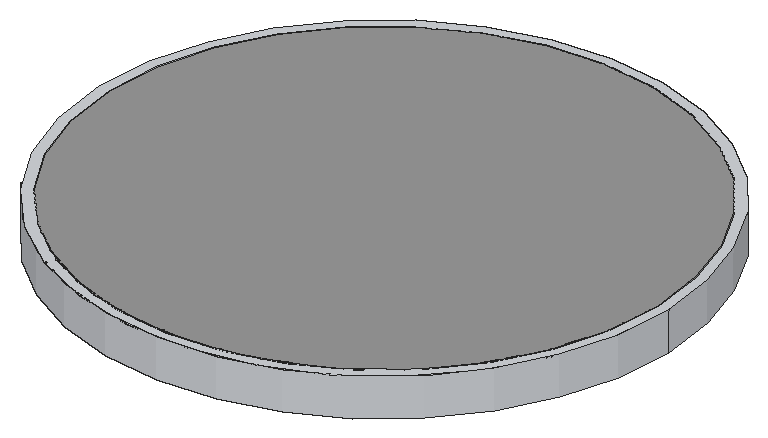
Revit family "2071242", category Lighting Fixtures, host Face, Revit 2018
Family settings
  Host = Face
  Round Connector Dimension = Use Diameter
  Part Type = Normal
  OmniClass Number = 23.80.70.00
  OmniClass Title = Lighting
  Cut with Voids When Loaded = No
  Light Source = Yes
  Shared = No
  Room Calculation Point = No
Parameters (values of type "2071242 COLOSSAL 900 840 OP DIR WHT DALI EM")
  iner diameter = 856 mm
  Weight = "n/a"
  Wattage Comments = ""
  Wattage = 30 W
  WarrantyStartDate [instance] = "n/a"
  WarrantyGuarantorParts = "n/a"
  WarrantyDurationUnit = "n/a"
  WarrantyDurationParts = ""
  WarrantyDescription = "http://www.sylvania-lighting.com"
  built-in parameter 1150110 = 1 (stored number, unit not read)
  Voltage = 230 V
  URL = "0.95"
  TypeName = "COLOSSAL 900mm 840 OPAL DIR WHITE DALI EM"
  Type Image = <None>
  Type Comments = "n/a"
  built-in parameter 1114217 = 1 (stored number, unit not read)
  Tilt Angle = -90.00°
  built-in parameter 1150109 = 1 (stored number, unit not read)
  built-in parameter 1150134 = (empty or 0)
  built-in parameter 1150113 = 1 (stored number, unit not read)
  SerialNumber [instance] = "n/a"
  Photometric Web File = "2071242.ies"
  Material_3_SYL = LED-Sylvania
  PowerFactor = 0
  PowerConsumption = "Lighting"
  NominalLength = 888 mm
  NominalHeight = 93 mm
  NominalDepth = 888 mm
  Name = "COLOSSAL 900mm 840 OPAL DIR WHITE DALI EM"
  ModelReference = Name  # "COLOSSAL 900mm 840 OPAL DIR WHITE DALI EM"
  ModelNumber = "2071242"
  Model = Name  # "COLOSSAL 900mm 840 OPAL DIR WHITE DALI EM"
  Material = "Feilo Sylvania"
  ManufacturerName = "139 lm/W"
  Manufacturer = ""
  LuminousEfficacy = ""
  built-in parameter 1150105 = 270.44 (stored number, unit not read)
  Lumens = 3398.4 lm
  LuminaireType = "0"
  built-in parameter 1150115 = 1 (stored number, unit not read)
  LightOutputRatio = "LED"
  built-in parameter 1150137 = (empty or 0)
  built-in parameter 1150139 = (empty or 0)
  LampsType = Lamp  # "n/a"
  LampNominalLuminous = "4000 K"
  LampMacAdamStep = "80"
  LampColourTemperature = "LED"
  LampColourRenderingIndex = "16500"
  built-in parameter 1150112 = 1 (stored number, unit not read)
  built-in parameter 1150114 = 1 (stored number, unit not read)
  Lamp = "n/a"
  Keynote = "n/a"
  InstallationDate [instance] = "n/a"
  InputVoltage = "0"
  InputNominalFrequency = "4000"
  built-in parameter 1150132 = (empty or 0)
  built-in parameter 1150102 = (empty or 0)
  built-in parameter 1150107 = 3000 (stored number, unit not read)
  built-in parameter 1150138 = (empty or 0)
  IngressProtection = "IfcLightFixtureType"
  ImpactProtectionIndex = "IfcLightFixtureType"
  built-in parameter 1150106 = 2.7044 (stored number, unit not read)
  IfcExportType = "IfcLightFixtureType"
  IfcExportAs = "Class I"
  Emit from Circle Diameter = 385 mm
  Emit Shape Visible in Rendering = no
  ElectricShockClassification = "139"
  built-in parameter 1150104 = 10.524 (stored number, unit not read)
  DocumentationLiterature = "http://www.sylvania-lighting.com/product/en-int/products/2071242"
  DimmingControlOptions = "n/a"
  Material_2_SYL = Polycarbonate_Sylvania_White
  Dimming Lamp Color Temperature Shift = <None>
  Description = "900mm diameter circular architectural luminaire, can be surface mounted or suspended. Powder coated aluminium housing (RAL9016) with polycarbonate opal diffuser. Direct light distribution, 10890lm luminuous flux, 78.5W system power, 139lm/W luminiaire efficacy. DALI dimmable. 3 hours integrated emergency. Colour rendering index Ra >80, 4000K Neutral White LED, chromaticity tolerance of 3-step MacAdam ellipse. IP40/IP20, IK03. 450mA drive current. Electrical protection Class1, 220-240V. Reported lifetime 66k hours L90B10."
  Default Elevation = 1219.2 mm
  CreatedOn = "23/03/2022"
  CreatedBy = "@sylvania-lighting.com"
  Cost = 0
  Color Filter = 16777215
  built-in parameter 1114216 [instance] = (empty or 0)
  ClassificationValue = "EF_70_80"
  ClassificationName = "Uniclass2015"
  Material_1_SYL = Polycarbonate_Sylvania_Opal
  BarCode [instance] = "n/a"
  built-in parameter 1114218 = 1 (stored number, unit not read)
  built-in parameter 1150133 = 10 (stored number, unit not read)
  AssetType = "Fixed"
  AssetIdentifier [instance] = "n/a"
  Assembly Code = "D5020200"
  Apparent Load = 78.5 VA
  Material_4_SYL = none
Reference planes
  plane 1 "Center (Front/Back)": y = 0
  plane 2: z = 0
  plane 3 "Center (Left/Right)": x = 0
  plane 4: z = 1.161
  plane 5: z = 16.161
  plane 6: x = -444
  plane 7: x = 444
  plane 8: y = 444
  plane 9: y = -444
  plane 10: y = 236
  plane 11: y = -236
  plane 12: x = 85
  plane 13: x = -85
  plane 14: through (0, 0, 1219.2) normal (0.5, 0.866, 0)
  plane 15: through (42.5, 73.612, 1219.2) normal (0.5, 0.866, 0)
  plane 16: through (-42.5, -73.612, 1219.2) normal (0.5, 0.866, 0)
  plane 17: through (0, 0, 1219.2) normal (0.5, -0.866, 0)
  plane 18: through (-42.5, 73.612, 1219.2) normal (0.5, -0.866, 0)
  plane 19: through (42.5, -73.612, 1219.2) normal (0.5, -0.866, 0)
  plane 20: z = 93
  plane 21: y = 428
  plane 22: y = -428
Forms (mm)
  Extrusion 1, solid, detail levels medium+fine
    sketch origin (0, 0, 0) x (0.866025, -0.5, 0) y (0.5, 0.866025, 0)
      loop
        circle (-50, 86.603) r 22
    from 0 to 2
  Extrusion 2, solid, detail levels medium+fine
    sketch origin (0, 0, 0) x (0.866025, -0.5, 0) y (0.5, 0.866025, 0)
      loop
        circle (100, 0) r 22
      loop
        circle (-50, -86.603) r 22
    from 0 to 2
  Blend 3, solid, detail levels medium+fine
    base sketch origin (0, 0, 0) x (1, 0, 0) y (0, 1, 0)
      loop
        line (-85, 236) -> (-246.882, -44.388) -> (-161.882, -191.612) -> (161.882, -191.612) -> (246.882, -44.388) -> (85, 236) -> (-85, 236)
    top sketch origin (0, 0, 0) x (1, 0, 0) y (0, 1, 0)
      loop
        line (-85, 283.076) -> (-287.651, -67.926) -> (-207.792, -218.119) -> (207.792, -218.119) -> (292.5, -71.401) -> (85, 283.076) -> (-85, 283.076)
    from 0 to 33.022
  Extrusion 4, solid, detail levels medium+fine
    sketch origin (0, 0, 0) x (1, 0, 0) y (0, 1, 0)
      loop
        circle (0, 0) r 444
    from 33.022 to 93
  Extrusion 5, void
    sketch origin (0, 0, 0) x (1, 0, 0) y (0, 1, 0)
      loop
        circle (0, 0) r 428
    from 96.588 to 37.292
  Extrusion 6, solid, material "Glass, White, High Luminance", detail levels fine
    sketch origin (0, 0, 0) x (1, 0, 0) y (0, 1, 0)
      loop
        circle (0, 0) r 428
    from 87.991 to 93
  Extrusion 7, solid, detail levels coarse
    sketch origin (0, 0, 0) x (1, 0, 0) y (0, 1, 0)
      loop
        line (-444, 444) -> (-444, -444) -> (444, -444) -> (444, 444) -> (-444, 444)
    from 0 to 93.648
Cuts and joins
  Extrusion 5 cuts Extrusion 1
  Extrusion 5 cuts Extrusion 2
  Extrusion 5 cuts Blend 3
  Extrusion 5 cuts Extrusion 4
Lines and regions (mm)
  model lines, detail levels medium+fine
    curve 1: circle (0, 0, 0) r 100 normal (0, 0, 1)
Dimensions and locks
  "NominalDepth": plane 8 to plane 9
  plane 8 to plane 1 "Center (Front/Back)" to plane 9 = 444 mm, 444 mm
  "NominalLength": plane 6 to plane 7
  equal spacing: plane 6, plane 3 "Center (Left/Right)", plane 7
  "NominalHeight": level to plane 20
  "iner diameter": plane 21 to plane 22
  equal spacing: plane 21, plane 1 "Center (Front/Back)", plane 22
  aligned and locked: plane 2 to host face
  aligned and locked: level to host face
Automatic sketch dimensions
  host sketch curve to host sketch curve = 2438.4 mm  (x2)
  Extrusion 1 sketch curve to plane 3 "Center (Left/Right)" = 0 mm
  Extrusion 1 sketch curve to plane 1 "Center (Front/Back)" = 100 mm
  plane 1 "Center (Front/Back)" to Extrusion 2 sketch curve = 50 mm
  Extrusion 2 sketch curve to plane 3 "Center (Left/Right)" = 86.603 mm
  Extrusion 2 sketch curve to Extrusion 2 sketch curve = 150 mm
  Extrusion 2 sketch curve to Extrusion 2 sketch curve = 86.603 mm
  plane 1 "Center (Front/Back)" to curve 1 = 0 mm
  curve 1 to plane 3 "Center (Left/Right)" = 0 mm
  plane 18 to Blend 3 sketch curve = 0 mm  (x2)
  plane 19 to Blend 3 sketch curve = 0 mm  (x2)
  Blend 3 sketch curve to plane 10 = 0 mm
  Blend 3 sketch curve to plane 13 = 0 mm  (x2)
  Blend 3 sketch curve to plane 12 = 0 mm  (x2)
  Blend 3 sketch curve to plane 16 = 0 mm  (x2)
  Blend 3 sketch curve to plane 15 = 0 mm
  plane 11 to Blend 3 sketch curve = 44.388 mm
  plane 1 "Center (Front/Back)" to Blend 3 sketch curve = 44.388 mm  (x2)
  plane 11 to Blend 3 sketch curve = 17.881 mm
  plane 1 "Center (Front/Back)" to Blend 3 sketch curve = 67.926 mm
  plane 1 "Center (Front/Back)" to Blend 3 sketch curve = 71.401 mm
  Blend 3 sketch curve to plane 7 = 151.5 mm
  plane 10 to Blend 3 sketch curve = 47.076 mm
  plane 1 "Center (Front/Back)" to Extrusion 4 sketch curve = 0 mm
  Extrusion 4 sketch curve to plane 3 "Center (Left/Right)" = 0 mm
  plane 1 "Center (Front/Back)" to Extrusion 5 sketch curve = 0 mm
  Extrusion 5 sketch curve to plane 3 "Center (Left/Right)" = 0 mm
  plane 1 "Center (Front/Back)" to Extrusion 6 sketch curve = 0 mm
  Extrusion 6 sketch curve to plane 3 "Center (Left/Right)" = 0 mm
  Extrusion 7 sketch curve to plane 6 = 0 mm
  Extrusion 7 sketch curve to plane 7 = 0 mm
  Extrusion 7 sketch curve to plane 9 = 0 mm
  Extrusion 7 sketch curve to plane 8 = 0 mm
  radius of Extrusion 1 sketch curve = 22 mm
  radius of Extrusion 2 sketch curve = 22 mm  (x2)
  radius of curve 1 = 100 mm
  radius of Extrusion 4 sketch curve = 444 mm
  radius of Extrusion 5 sketch curve = 428 mm
  radius of Extrusion 6 sketch curve = 428 mm
Connectors
  electrical at (0, 0, 0), driven by "Apparent Load", driven by "PowerFactor", driven by "Voltage"
    settings: index 1, voltage 230 V, apparent load 78.5 VA, apparent load phase1 0 VA, apparent load phase2 0 VA, apparent load phase3 0 VA, power factor 0, load classification "Lighting", number of poles 1, system type 30, power factor state 1, is connector primary yes, connector utility no, sub classification motor no, connector description ""
